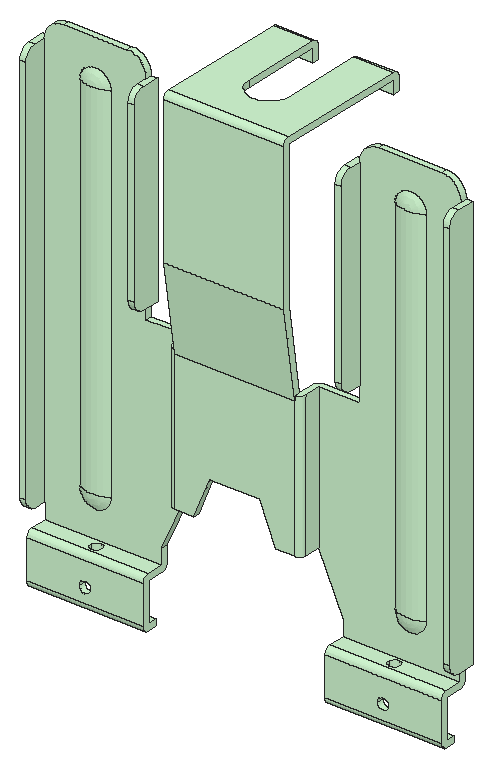
Revit family "ブレース取付金具下(イーグル)", category 機械設備, Revit 2020
Family settings
  丸型コネクタ寸法 = 直径を使用
  種別 = なし
  パーツ タイプ = 標準
  作業面ベース = いいえ
  常に垂直 = はい
  ロード時にボイドで切り取り = いいえ
  共有 = いいえ
  部屋計算ポイント = いいえ
Parameters
  製造元 = "株式会社桐井製作所"
  既定の高さ = 0 mm
  URL = "https://www.kirii.co.jp/"
  K_材質 = "溶融亜鉛めっき鋼板及び鋼帯 SGHC 一般用"
  K_品名 = "ブレース取付金具下(イーグル)"
  K_名称 = "ブレース下部金具"
  K_入数 = "80"
  K_バージョン情報 = "20220411"
  K_めっき付着量 = "Z12"
  K_JIS規格 = "JIS G 3302"
Reference planes
  plane 1 "中心(正面/背面)": y = 0
  plane 2: z = 0
  plane 3 "中心(左/右)": x = 0
Forms (mm)
  Extrusion 1, solid
    sketch origin (4, -1.6, 0) x (1, 0, 0) y (0, 1, 0)
      loop
        line (13.1, 0) -> (49.8, 0) -> (49.8, 1.6) -> (13.1, 1.6)
        arc (13.1, 1.6) -> (11.969, 1.131) -> (11.5, 0) r 1.6
        line (11.5, 0) -> (11.5, -4.4) -> (-19.5, -4.4) -> (-19.5, 0)
        arc (-19.5, 0) -> (-19.969, 1.131) -> (-21.1, 1.6) r 1.6
        line (-21.1, 1.6) -> (-57.8, 1.6) -> (-57.8, 0) -> (-21.1, 0) -> (-21.1, -4.2)
        arc (-21.1, -4.2) -> (-20.631, -5.331) -> (-19.5, -5.8) r 1.6
        line (-19.5, -5.8) -> (11.5, -5.8)
        arc (11.5, -5.8) -> (12.631, -5.331) -> (13.1, -4.2) r 1.6
        line (13.1, -4.2) -> (13.1, 0)
    from -55 to 57
  Extrusion 2, void
    sketch origin (0, 0, 0) x (1, 0, 0) y (0, 0, 1)
      loop
        line (-23.4, -55) -> (23.4, -55) -> (17.1, -40.574) -> (10.5, -40.6) -> (6.5, -30.6) -> (-6.5, -30.6) -> (-10.5, -40.6) -> (-17.1, -40.574) -> (-23.4, -55)
    from 0 to 7.6
  Extrusion 3, void
    sketch origin (0, 0, 0) x (1, 0, 0) y (0, 0, 1)
      loop
        line (-48.8, 57) -> (-53.8, 57) -> (-53.8, 52)
        arc (-53.8, 52) -> (-52.336, 55.536) -> (-48.8, 57) r 5
    from 0 to 1.6
  Extrusion 4, solid
    sketch origin (-80, 0, -1.562) x (0, 1, 0) y (0, 0, 1)
      loop
        line (0, -51.838) -> (-1.6, -51.838) -> (-1.6, -57.369) -> (-6, -57.369)
        arc (-6, -57.369) -> (-7.131, -57.837) -> (-7.6, -58.969) r 1.6
        line (-7.6, -58.969) -> (-7.6, -68.969)
        arc (-7.6, -68.969) -> (-7.131, -70.1) -> (-6, -70.569) r 1.6
        line (-6, -70.569) -> (-3.5, -70.569) -> (-3.5, -68.969) -> (-6, -68.969) -> (-6, -58.969) -> (-1.6, -58.969)
        arc (-1.6, -58.969) -> (-0.469, -58.5) -> (0, -57.369) r 1.6
        line (0, -57.369) -> (0, -51.838)
    from 26.6 to 56.6
  Extrusion 5, solid
    sketch origin (0, 0, 0) x (0, 1, 0) y (0, 0, 1)
      loop
        line (-7.4, 49) -> (-7.4, -52)
        arc (-7.4, -52) -> (-6.521, -54.121) -> (-4.4, -55) r 3
        line (-4.4, -55) -> (0, -55) -> (0, 52) -> (-4.4, 52)
        arc (-4.4, 52) -> (-6.521, 51.121) -> (-7.4, 49) r 3
    from -55.4 to -53.8
  Extrusion 6, solid
    sketch origin (111.6, 0, 0) x (0, 1, 0) y (0, 0, 1)
      loop
        line (-7.4, 49) -> (-7.4, -52)
        arc (-7.4, -52) -> (-6.521, -54.121) -> (-4.4, -55) r 3
        line (-4.4, -55) -> (0, -55) -> (0, 52) -> (-4.4, 52)
        arc (-4.4, 52) -> (-6.521, 51.121) -> (-7.4, 49) r 3
    from -57.8 to -56.2
  Extrusion 7, void
    sketch origin (1.641, 0, 0) x (1, 0, 0) y (0, 1, 0)
      loop
        circle (-40.04, -3.997) r 1.5
    from -60.531 to -58.931
  Extrusion 8, void
    sketch origin (0, 0, 0) x (-1, 0, 0) y (0, 0, -1)
      loop
        arc (-48.8, -57) -> (-52.336, -55.536) -> (-53.8, -52) r 5
        line (-53.8, -52) -> (-53.8, -57) -> (-48.8, -57)
    from 0 to 1.6
  Extrusion 9, void
    sketch origin (1.609, 0, -3.45) x (1, 0, 0) y (0, 0, 1)
      loop
        circle (-40, -63.189) r 1.5
    from 6 to 7.6
  Extrusion 10, void
    sketch origin (78.438, -0.3, 0.069) x (1, 0, 0) y (0, 1, 0)
      loop
        circle (-40.04, -3.695) r 1.5
    from -60.6 to -59
  Extrusion 11, solid
    sketch origin (-3.149, 0, -1.562) x (0, 1, 0) y (0, 0, 1)
      loop
        line (0, -51.838) -> (-1.6, -51.838) -> (-1.6, -57.369) -> (-6, -57.369)
        arc (-6, -57.369) -> (-7.131, -57.837) -> (-7.6, -58.969) r 1.6
        line (-7.6, -58.969) -> (-7.6, -68.969)
        arc (-7.6, -68.969) -> (-7.131, -70.1) -> (-6, -70.569) r 1.6
        line (-6, -70.569) -> (-3.5, -70.569) -> (-3.5, -68.969) -> (-6, -68.969) -> (-6, -58.969) -> (-1.6, -58.969)
        arc (-1.6, -58.969) -> (-0.469, -58.5) -> (0, -57.369) r 1.6
        line (0, -57.369) -> (0, -51.838)
    from 26.6 to 56.6
  Extrusion 12, void
    sketch origin (0, 0, 0) x (1, 0, 0) y (0, 0, 1)
      loop
        arc (-32.5, 57) -> (-28.964, 55.536) -> (-27.5, 52) r 5
        line (-27.5, 52) -> (-27.5, -3.6) -> (27.5, -3.6) -> (27.5, 52)
        arc (27.5, 52) -> (28.964, 55.536) -> (32.5, 57) r 5
        line (32.5, 57) -> (-32.5, 57)
    from 0 to 7.6
  Extrusion 13, solid
    sketch origin (0, 0, 0) x (0, 1, 0) y (0, 0, 1)
      loop
        line (-9.4, 55.469) -> (24.4, 55.469) -> (24.4, 52.069) -> (26, 52.069) -> (26, 55.469)
        arc (26, 55.469) -> (25.531, 56.6) -> (24.4, 57.069) r 1.6
        line (24.4, 57.069) -> (-9.4, 57.069)
        arc (-9.4, 57.069) -> (-10.531, 56.6) -> (-11, 55.469) r 1.6
        line (-11, 55.469) -> (-11, 17.922) -> (-7.4, -4.823) -> (-7.4, -30.6) -> (-6, -30.6) -> (-6, -3.442) -> (-9.4, 18.039) -> (-9.4, 55.469)
    from -15.5 to 15.5
  Extrusion 14, solid
    sketch origin (27.9, 0, 0) x (0, 1, 0) y (0, 0, 1)
      loop
        line (-7.4, 49) -> (-7.4, 3.4)
        arc (-7.4, 3.4) -> (-6.521, 1.279) -> (-4.4, 0.4) r 3
        line (-4.4, 0.4) -> (0, 0.4) -> (0, 52) -> (-4.4, 52)
        arc (-4.4, 52) -> (-6.521, 51.121) -> (-7.4, 49) r 3
    from -55.4 to -53.8
  Extrusion 15, solid
    sketch origin (81.3, 0, 0) x (0, 1, 0) y (0, 0, 1)
      loop
        line (-7.4, 49) -> (-7.4, 3.4)
        arc (-7.4, 3.4) -> (-6.521, 1.279) -> (-4.4, 0.4) r 3
        line (-4.4, 0.4) -> (0, 0.4) -> (0, 52) -> (-4.4, 52)
        arc (-4.4, 52) -> (-6.521, 51.121) -> (-7.4, 49) r 3
    from -55.4 to -53.8
  Extrusion 16, void
    sketch origin (0, 0, 0) x (1, 0, 0) y (0, 1, 0)
      loop
        arc (-5.25, 3.657) -> (0, -1.593) -> (5.25, 3.657) r 5.25
        line (5.25, 3.657) -> (5.25, 26) -> (-5.25, 26) -> (-5.25, 3.657)
    from 52.069 to 57.069
  Revolve 17, solid
    sketch origin (0, 0, 46) x (1, 0, 0) y (0, 1, 0)
      loop
        line (-40.65, -1.6) -> (-40.65, -2.779)
        arc (-40.65, -2.779) -> (-38.565, -2.478) -> (-36.65, -1.6) r 7.375
        line (-36.65, -1.6) -> (-40.65, -1.6)
      axis (-40.65, -1.6) -> (-40.65, -2.779)
    angle from 0 to 360
  Extrusion 18, solid
    sketch origin (0, 0, 0) x (1, 0, 0) y (0, 1, 0)
      loop
        arc (-44.65, -1.6) -> (-40.65, -2.779) -> (-36.65, -1.6) r 7.375
        line (-36.65, -1.6) -> (-44.65, -1.6)
    from -48 to 46
  Revolve 19, solid
    sketch origin (0, 0, -48) x (1, 0, 0) y (0, 1, 0)
      loop
        line (-40.65, -1.6) -> (-40.65, -2.779)
        arc (-40.65, -2.779) -> (-38.565, -2.478) -> (-36.65, -1.6) r 7.375
        line (-36.65, -1.6) -> (-40.65, -1.6)
      axis (-40.65, -1.6) -> (-40.65, -2.779)
    angle from 0 to 360
  Revolve 20, solid
    sketch origin (81.3, 0, 46) x (1, 0, 0) y (0, 1, 0)
      loop
        line (-40.65, -1.6) -> (-40.65, -2.779)
        arc (-40.65, -2.779) -> (-38.565, -2.478) -> (-36.65, -1.6) r 7.375
        line (-36.65, -1.6) -> (-40.65, -1.6)
      axis (-40.65, -1.6) -> (-40.65, -2.779)
    angle from 0 to 360
  Extrusion 21, solid
    sketch origin (81.3, 0, 0) x (1, 0, 0) y (0, 1, 0)
      loop
        arc (-44.65, -1.6) -> (-40.65, -2.779) -> (-36.65, -1.6) r 7.375
        line (-36.65, -1.6) -> (-44.65, -1.6)
    from -48 to 46
  Revolve 22, solid
    sketch origin (81.3, 0, -48) x (1, 0, 0) y (0, 1, 0)
      loop
        line (-40.65, -1.6) -> (-40.65, -2.779)
        arc (-40.65, -2.779) -> (-38.565, -2.478) -> (-36.65, -1.6) r 7.375
        line (-36.65, -1.6) -> (-40.65, -1.6)
      axis (-40.65, -1.6) -> (-40.65, -2.779)
    angle from 0 to 360
  Revolve 23, void
    sketch origin (81.3, 1.6, -48) x (1, 0, 0) y (0, 1, 0)
      loop
        line (-40.65, -1.6) -> (-40.65, -2.779)
        arc (-40.65, -2.779) -> (-38.565, -2.478) -> (-36.65, -1.6) r 7.375
        line (-36.65, -1.6) -> (-40.65, -1.6)
      axis (-40.65, -1.6) -> (-40.65, -2.779)
    angle from 0 to 360
  Revolve 24, void
    sketch origin (81.3, 1.6, 46) x (1, 0, 0) y (0, 1, 0)
      loop
        line (-40.65, -1.6) -> (-40.65, -2.779)
        arc (-40.65, -2.779) -> (-38.565, -2.478) -> (-36.65, -1.6) r 7.375
        line (-36.65, -1.6) -> (-40.65, -1.6)
      axis (-40.65, -1.6) -> (-40.65, -2.779)
    angle from 0 to 360
  Extrusion 25, void
    sketch origin (81.3, 1.6, 0) x (1, 0, 0) y (0, 1, 0)
      loop
        arc (-44.65, -1.6) -> (-40.65, -2.779) -> (-36.65, -1.6) r 7.375
        line (-36.65, -1.6) -> (-44.65, -1.6)
    from -48 to 46
  Extrusion 26, void
    sketch origin (0, 1.6, 0) x (1, 0, 0) y (0, 1, 0)
      loop
        arc (-44.65, -1.6) -> (-40.65, -2.779) -> (-36.65, -1.6) r 7.375
        line (-36.65, -1.6) -> (-44.65, -1.6)
    from -48 to 46
  Revolve 27, void
    sketch origin (0, 1.6, -48) x (1, 0, 0) y (0, 1, 0)
      loop
        line (-40.65, -1.6) -> (-40.65, -2.779)
        arc (-40.65, -2.779) -> (-38.565, -2.478) -> (-36.65, -1.6) r 7.375
        line (-36.65, -1.6) -> (-40.65, -1.6)
      axis (-40.65, -1.6) -> (-40.65, -2.779)
    angle from 0 to 360
  Revolve 28, void
    sketch origin (0, 1.6, 46) x (1, 0, 0) y (0, 1, 0)
      loop
        line (-40.65, -1.6) -> (-40.65, -2.779)
        arc (-40.65, -2.779) -> (-38.565, -2.478) -> (-36.65, -1.6) r 7.375
        line (-36.65, -1.6) -> (-40.65, -1.6)
      axis (-40.65, -1.6) -> (-40.65, -2.779)
    angle from 0 to 360
  Extrusion 29, void
    sketch origin (78.459, 0, -3.45) x (1, 0, 0) y (0, 0, 1)
      loop
        circle (-40, -63.189) r 1.5
    from 6 to 7.6
Cuts and joins
  Extrusion 2, Extrusion 3, Extrusion 8, Extrusion 9, Extrusion 12, Revolve 23, Revolve 24, Extrusion 25, Extrusion 26, Revolve 27, Revolve 28, Extrusion 29 cuts Extrusion 1
  Extrusion 7, Extrusion 8, Extrusion 9, Extrusion 12, Extrusion 29 cuts Extrusion 4
  Extrusion 8, Extrusion 9, Extrusion 12, Extrusion 29 cuts Extrusion 5
  Extrusion 8, Extrusion 9, Extrusion 12, Extrusion 29 cuts Extrusion 6
  Extrusion 10, Extrusion 29 cuts Extrusion 11
  Extrusion 16, Extrusion 29 cuts Extrusion 13
  Extrusion 29 cuts Extrusion 14
  Extrusion 29 cuts Extrusion 15
  joined: Extrusion 1, Extrusion 4, Extrusion 5, Extrusion 6, Extrusion 11, Extrusion 13, Extrusion 14, Extrusion 15
  joined: Revolve 17, Extrusion 18, Revolve 19
  joined: Revolve 20, Extrusion 21, Revolve 22
Dimensions and locks
  aligned and locked: level to plane 2
